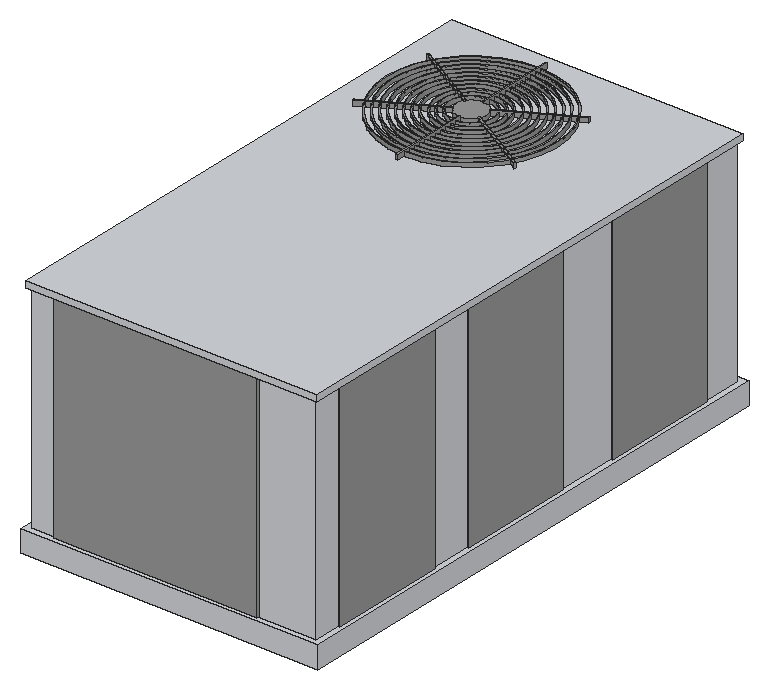
Revit family "RTU-2", category Generic Models, host Face, Revit 2025
Family settings
  Host = Face
  Can host rebar = No
  Round Connector Dimension = Use Diameter
  Part Type = Normal
  Cut with Voids When Loaded = No
  Maintain Annotation Orientation = No
  Shared = No
  Room Calculation Point = No
Parameters
  Width = 47"
  Length = 85 1/4"
  Grill Material = Steel, Paint Finish, Dark Gray
  Default Elevation = 48"
Reference planes (in)
  plane 1 "Center (Front/Back)": y = 0
  plane 2: z = 0
  plane 3 "Center (Left/Right)": x = 0
  plane 4: x = -30.90625
  plane 5: x = -31.90625
  plane 6: x = -32.90625
  plane 7: x = -33.90625
  plane 8: x = -34.90625
  plane 9: x = -35.90625
  plane 10: x = -36.90625
  plane 11: x = -37.90625
  plane 12: x = -38.90625
  plane 13: x = -39.90625
  plane 14: x = -40.90625
  plane 15: x = -42.34375
  plane 16: x = -41.03125
  plane 17: x = -41.90625
  plane 18: x = -41.90567
  plane 19: y = 22.75058
  plane 20: y = 21.75058
  plane 21: y = 20.75058
  plane 22: y = 19.75058
  plane 23: y = 18.75058
  plane 24: y = 17.75058
  plane 25: y = 16.75058
  plane 26: y = 15.75058
  plane 27: y = 14.75058
  plane 28: y = 13.75058
  plane 29: y = 12.75058
  plane 30: y = 11.31308
  plane 31: y = 12.62558
  plane 32: y = 11.75058
  plane 33: y = 11.75117
  plane 34: through (-19.01548, 19.50279, 94.70355) normal (0.866, 0.5, 0)
  plane 35: through (-17.13782, 18.87558, 94.70355) normal (-0.866, -0.5, 0)
  plane 36: through (6.39048, 19.50279, 94.70355) normal (0.866, -0.5, 0)
  plane 37: through (4.51282, 18.87558, 94.70355) normal (-0.866, 0.5, 0)
  plane 38: y = 38.93808
  plane 39: y = 37.62558
  plane 40: through (-19.01548, 30.74838, 94.70355) normal (-0.866, 0.5, 0)
  plane 41: through (-17.13782, 31.37558, 94.70355) normal (0.866, -0.5, 0)
  plane 42: through (6.39048, 30.74838, 94.70355) normal (-0.866, -0.5, 0)
  plane 43: through (4.51282, 31.37558, 94.70355) normal (0.866, 0.5, 0)
  plane 44: through (-34.15405, 50.35923, 110.75) normal (0.5, -0.866, 0)
  plane 45: through (-34.78125, 48.48157, 110.75) normal (-0.5, 0.866, 0)
  plane 46: through (-34.15405, 24.95327, 110.75) normal (-0.5, -0.866, 0)
  plane 47: through (-34.78125, 26.83093, 110.75) normal (0.5, 0.866, 0)
  plane 48: x = -14.71875
  plane 49: x = -16.03125
  plane 50: through (-22.90845, 50.35923, 110.75) normal (0.5, 0.866, 0)
  plane 51: through (-22.28125, 48.48157, 110.75) normal (-0.5, -0.866, 0)
  plane 52: through (-22.90845, 24.95327, 110.75) normal (-0.5, 0.866, 0)
  plane 53: through (-22.28125, 26.83093, 110.75) normal (0.5, -0.866, 0)
  plane 54: y = 16.875
  plane 55: x = 14
  plane 56: y = -16.125
  plane 57: x = 16.875
Forms (in)
  Extrusion 1, solid
    sketch origin (0, 0, 0) x (1, 0, 0) y (0, 1, 0)
      loop
        line (-23.5, 42.625) -> (-23.5, -42.625) -> (23.5, -42.625) -> (23.5, 42.625) -> (-23.5, 42.625)
    from 0 to 3.5
  Extrusion 2, solid, material "Steel, Paint Finish, Dark Gray" <- "Grill Material", not visible
    sketch origin (0, 0, 54.625) x (1, 0, 0) y (0, 1, 0)
      loop
        circle (-28.53125, 37.65625) r 2.375
      loop
        circle (-28.53125, 37.65625) r 3.375
      loop
        circle (-28.53125, 37.65625) r 3.5
      loop
        circle (-28.53125, 37.65625) r 4.375
      loop
        circle (-28.53125, 37.65625) r 5.25
      loop
        circle (-28.53125, 37.65625) r 4.5
      loop
        circle (-28.53125, 37.65625) r 5.375
      loop
        circle (-28.53125, 37.65625) r 6.375
      loop
        circle (-28.53125, 37.65625) r 7.375
      loop
        circle (-28.53125, 37.65625) r 9.375
      loop
        circle (-28.53125, 37.65625) r 10.375
      loop
        circle (-28.53125, 37.65625) r 11.375
      loop
        circle (-28.53125, 37.65625) r 12.375
      loop
        circle (-28.53125, 37.65625) r 12.5
      loop
        circle (-28.53125, 37.65625) r 7.5
      loop
        circle (-28.53125, 37.65625) r 9.5
      loop
        circle (-28.53125, 37.65625) r 10.5
      loop
        circle (-28.53125, 37.65625) r 11.5
      loop
        circle (-28.53125, 37.65625) r 8.375
      loop
        circle (-28.53125, 37.65625) r 8.5
      loop
        circle (-28.53125, 37.65625) r 6.5
      loop
        circle (-28.53125, 37.65625) r 13.375
      loop
        circle (-28.53125, 37.65625) r 13.5
    from 0 to 0.625
  Extrusion 3, solid, material "Steel, Paint Finish, Dark Gray" <- "Grill Material", not visible
    sketch origin (0, 0, 55.75) x (1, 0, 0) y (0, 1, 0)
      loop
        line (-43.28067, 37.78125) -> (-43.28067, 37.53125) -> (-30.90296, 37.53125)
        arc (-30.90296, 37.53125) -> (-30.90543, 37.59373) -> (-30.90625, 37.65625) r 2.375
        arc (-30.90625, 37.65625) -> (-30.90543, 37.71877) -> (-30.90296, 37.78125) r 2.375
        line (-30.90296, 37.78125) -> (-43.28067, 37.78125)
    from -1.125 to -0.3427
  Extrusion 4, solid, material "Steel, Paint Finish, Dark Gray" <- "Grill Material"
    sketch origin (31.34375, 53.65683, 38.57855) x (0, 1, 0) y (-1, 0, 0)
      loop
        circle (-28.53125, 37.65625) r 2.375
      loop
        circle (-28.53125, 37.65625) r 3.375
      loop
        circle (-28.53125, 37.65625) r 3.5
      loop
        circle (-28.53125, 37.65625) r 4.375
      loop
        circle (-28.53125, 37.65625) r 5.25
      loop
        circle (-28.53125, 37.65625) r 4.5
      loop
        circle (-28.53125, 37.65625) r 5.375
      loop
        circle (-28.53125, 37.65625) r 6.375
      loop
        circle (-28.53125, 37.65625) r 7.375
      loop
        circle (-28.53125, 37.65625) r 9.375
      loop
        circle (-28.53125, 37.65625) r 10.375
      loop
        circle (-28.53125, 37.65625) r 11.375
      loop
        circle (-28.53125, 37.65625) r 12.375
      loop
        circle (-28.53125, 37.65625) r 12.5
      loop
        circle (-28.53125, 37.65625) r 7.5
      loop
        circle (-28.53125, 37.65625) r 9.5
      loop
        circle (-28.53125, 37.65625) r 10.5
      loop
        circle (-28.53125, 37.65625) r 11.5
      loop
        circle (-28.53125, 37.65625) r 8.375
      loop
        circle (-28.53125, 37.65625) r 8.5
      loop
        circle (-28.53125, 37.65625) r 6.5
      loop
        circle (-28.53125, 37.65625) r 13.375
      loop
        circle (-28.53125, 37.65625) r 13.5
    from 0 to 0.625
  Extrusion 5, solid, material "Steel, Paint Finish, Dark Gray" <- "Grill Material"
    sketch origin (31.34375, 53.65683, 39.70355) x (0, 1, 0) y (-1, 0, 0)
      loop
        line (-43.28067, 37.78125) -> (-43.28067, 37.53125) -> (-30.90296, 37.53125)
        arc (-30.90296, 37.53125) -> (-30.90543, 37.59373) -> (-30.90625, 37.65625) r 2.375
        arc (-30.90625, 37.65625) -> (-30.90543, 37.71877) -> (-30.90296, 37.78125) r 2.375
        line (-30.90296, 37.78125) -> (-43.28067, 37.78125)
    from -1.125 to -0.3427
  Extrusion 6, solid, material "Steel, Paint Finish, Dark Gray" <- "Grill Material"
    sketch origin (37.22441, 6.77994, 39.70355) x (0.866025, 0.5, 0) y (-0.5, 0.866025, 0)
      loop
        line (-43.28067, 37.78125) -> (-43.28067, 37.53125) -> (-30.90296, 37.53125)
        arc (-30.90296, 37.53125) -> (-30.90543, 37.59373) -> (-30.90625, 37.65625) r 2.375
        arc (-30.90625, 37.65625) -> (-30.90543, 37.71877) -> (-30.90296, 37.78125) r 2.375
        line (-30.90296, 37.78125) -> (-43.28067, 37.78125)
    from -1.125 to -0.3427
  Extrusion 7, solid, material "Steel, Paint Finish, Dark Gray" <- "Grill Material"
    sketch origin (-49.84941, 6.77994, 39.70355) x (-0.866025, 0.5, 0) y (-0.5, -0.866025, 0)
      loop
        line (-43.28067, -37.78125) -> (-30.90296, -37.78125)
        arc (-30.90296, -37.78125) -> (-30.90543, -37.71877) -> (-30.90625, -37.65625) r 2.375
        arc (-30.90625, -37.65625) -> (-30.90543, -37.59373) -> (-30.90296, -37.53125) r 2.375
        line (-30.90296, -37.53125) -> (-43.28067, -37.53125) -> (-43.28067, -37.78125)
    from -1.125 to -0.3427
  Extrusion 8, solid, material "Steel, Paint Finish, Dark Gray" <- "Grill Material"
    sketch origin (31.34375, -3.40567, 39.70355) x (0, -1, 0) y (1, 0, 0)
      loop
        line (-43.28067, -37.78125) -> (-30.90296, -37.78125)
        arc (-30.90296, -37.78125) -> (-30.90543, -37.71877) -> (-30.90625, -37.65625) r 2.375
        arc (-30.90625, -37.65625) -> (-30.90543, -37.59373) -> (-30.90296, -37.53125) r 2.375
        line (-30.90296, -37.53125) -> (-43.28067, -37.53125) -> (-43.28067, -37.78125)
    from -1.125 to -0.3427
  Extrusion 9, solid, material "Steel, Paint Finish, Dark Gray" <- "Grill Material"
    sketch origin (37.22441, 43.47123, 39.70355) x (0.866025, -0.5, 0) y (0.5, 0.866025, 0)
      loop
        line (-43.28067, -37.78125) -> (-30.90296, -37.78125)
        arc (-30.90296, -37.78125) -> (-30.90543, -37.71877) -> (-30.90625, -37.65625) r 2.375
        arc (-30.90625, -37.65625) -> (-30.90543, -37.59373) -> (-30.90296, -37.53125) r 2.375
        line (-30.90296, -37.53125) -> (-43.28067, -37.53125) -> (-43.28067, -37.78125)
    from -1.125 to -0.3427
  Extrusion 10, solid, material "Steel, Paint Finish, Dark Gray" <- "Grill Material"
    sketch origin (-49.84941, 43.47123, 39.70355) x (-0.866025, -0.5, 0) y (0.5, -0.866025, 0)
      loop
        line (-43.28067, 37.78125) -> (-43.28067, 37.53125) -> (-30.90296, 37.53125)
        arc (-30.90296, 37.53125) -> (-30.90543, 37.59373) -> (-30.90625, 37.65625) r 2.375
        arc (-30.90625, 37.65625) -> (-30.90543, 37.71877) -> (-30.90296, 37.78125) r 2.375
        line (-30.90296, 37.78125) -> (-43.28067, 37.78125)
    from -1.125 to -0.3427
  Extrusion 11, solid, material "Steel, Paint Finish, Dark Gray" <- "Grill Material", not visible
    sketch origin (-46.87689, -5.88066, 55.75) x (0.5, -0.866025, 0) y (0.866025, 0.5, 0)
      loop
        line (-43.28067, 37.78125) -> (-43.28067, 37.53125) -> (-30.90296, 37.53125)
        arc (-30.90296, 37.53125) -> (-30.90543, 37.59373) -> (-30.90625, 37.65625) r 2.375
        arc (-30.90625, 37.65625) -> (-30.90543, 37.71877) -> (-30.90296, 37.78125) r 2.375
        line (-30.90296, 37.78125) -> (-43.28067, 37.78125)
    from -1.125 to -0.3427
  Extrusion 12, solid, material "Steel, Paint Finish, Dark Gray" <- "Grill Material", not visible
    sketch origin (-46.87689, 81.19316, 55.75) x (0.5, 0.866025, 0) y (-0.866025, 0.5, 0)
      loop
        line (-43.28067, -37.78125) -> (-30.90296, -37.78125)
        arc (-30.90296, -37.78125) -> (-30.90543, -37.71877) -> (-30.90625, -37.65625) r 2.375
        arc (-30.90625, -37.65625) -> (-30.90543, -37.59373) -> (-30.90296, -37.53125) r 2.375
        line (-30.90296, -37.53125) -> (-43.28067, -37.53125) -> (-43.28067, -37.78125)
    from -1.125 to -0.3427
  Extrusion 13, solid, material "Steel, Paint Finish, Dark Gray" <- "Grill Material", not visible
    sketch origin (-57.0625, 0, 55.75) x (-1, 0, 0) y (0, -1, 0)
      loop
        line (-43.28067, -37.78125) -> (-30.90296, -37.78125)
        arc (-30.90296, -37.78125) -> (-30.90543, -37.71877) -> (-30.90625, -37.65625) r 2.375
        arc (-30.90625, -37.65625) -> (-30.90543, -37.59373) -> (-30.90296, -37.53125) r 2.375
        line (-30.90296, -37.53125) -> (-43.28067, -37.53125) -> (-43.28067, -37.78125)
    from -1.125 to -0.3427
  Extrusion 14, solid, material "Steel, Paint Finish, Dark Gray" <- "Grill Material", not visible
    sketch origin (-10.18561, -5.88066, 55.75) x (-0.5, -0.866025, 0) y (0.866025, -0.5, 0)
      loop
        line (-43.28067, -37.78125) -> (-30.90296, -37.78125)
        arc (-30.90296, -37.78125) -> (-30.90543, -37.71877) -> (-30.90625, -37.65625) r 2.375
        arc (-30.90625, -37.65625) -> (-30.90543, -37.59373) -> (-30.90296, -37.53125) r 2.375
        line (-30.90296, -37.53125) -> (-43.28067, -37.53125) -> (-43.28067, -37.78125)
    from -1.125 to -0.3427
  Extrusion 15, solid, material "Steel, Paint Finish, Dark Gray" <- "Grill Material", not visible
    sketch origin (-10.18561, 81.19316, 55.75) x (-0.5, 0.866025, 0) y (-0.866025, -0.5, 0)
      loop
        line (-43.28067, 37.78125) -> (-43.28067, 37.53125) -> (-30.90296, 37.53125)
        arc (-30.90296, 37.53125) -> (-30.90543, 37.59373) -> (-30.90625, 37.65625) r 2.375
        arc (-30.90625, 37.65625) -> (-30.90543, 37.71877) -> (-30.90296, 37.78125) r 2.375
        line (-30.90296, 37.78125) -> (-43.28067, 37.78125)
    from -1.125 to -0.3427
  Extrusion 16, solid
    sketch origin (0, 0, 0) x (1, 0, 0) y (0, 1, 0)
      loop
        line (-22.5, 41.625) -> (-22.5, -41.625) -> (22.5, -41.625) -> (22.5, 41.625) -> (-22.5, 41.625)
    from 3.5 to 37.57855
  Extrusion 17, void
    sketch origin (0, 0, 0) x (1, 0, 0) y (0, 1, 0)
      loop
        line (-18.5, 8.25) -> (-18.5, -9.75) -> (1.5, -9.75) -> (1.5, 8.25) -> (-18.5, 8.25)
      loop
        line (-16.5, -26) -> (-16.5, -37) -> (12.5, -37) -> (12.5, -26) -> (-16.5, -26)
      loop
        arc (13.5, 20.875) -> (12.79289, 20.58211) -> (12.5, 19.875) r 1
        line (12.5, 19.875) -> (12.5, 13.875)
        arc (12.5, 13.875) -> (12.79289, 13.16789) -> (13.5, 12.875) r 1
        line (13.5, 12.875) -> (14.5, 12.875)
        arc (14.5, 12.875) -> (15.20711, 13.16789) -> (15.5, 13.875) r 1
        line (15.5, 13.875) -> (15.5, 19.875)
        arc (15.5, 19.875) -> (15.20711, 20.58211) -> (14.5, 20.875) r 1
        line (14.5, 20.875) -> (13.5, 20.875)
      loop
        circle (16.875, -16.125) r 1
    from 0 to 3.5
  Extrusion 18, solid
    sketch origin (0, 0, 0) x (1, 0, 0) y (0, 1, 0)
      loop
        line (-23, 42.125) -> (-23, -42.125) -> (23, -42.125) -> (23, 42.125) -> (-23, 42.125)
    from 37.57855 to 38.57855
  Extrusion 19, void
    sketch origin (0, 0, 0) x (0, 1, 0) y (0, 0, 1)
      loop
        line (39.875, 37.57855) -> (10.37617, 37.57855) -> (10.37617, 3.5) -> (39.875, 3.5) -> (39.875, 37.57855)
    from -23.5 to -21.24899
Cuts and joins
  Extrusion 17, Extrusion 19 cuts Extrusion 1
  Extrusion 17, Extrusion 19 cuts Extrusion 16
  Extrusion 19 cuts Extrusion 18
Dimensions and locks (in)
  equal spacing: Extrusion 1 sketch curve, plane 1 "Center (Front/Back)", Extrusion 1 sketch curve
  equal spacing: Extrusion 1 sketch curve, plane 3 "Center (Left/Right)", Extrusion 1 sketch curve
  "Width": Extrusion 1 sketch curve to Extrusion 1 sketch curve
  "Length": Extrusion 1 sketch curve to Extrusion 1 sketch curve
  Extrusion 1 to Extrusion 17 sketch curve = 5 5/8"
  Extrusion 1 to Extrusion 17 sketch curve = 7"
  Extrusion 1 to Extrusion 17 sketch curve = 5"
  Extrusion 1 to plane 54 = 25 3/4"
  plane 55 to Extrusion 1 = 9 1/2"
  plane 57 to Extrusion 1 = 6 5/8"
  plane 56 to Extrusion 1 = 26 1/2"
  nested 5 to level = 5 1/2"
  nested 5 to Extrusion 18 = 2"
  nested 6 to nested 5 = 18 3/8"
  aligned and locked: plane 2 to host face
  aligned and locked: level to host face
Automatic sketch dimensions
  host sketch curve to host sketch curve = 96"  (x2)
  Extrusion 4 sketch curve to Extrusion 4 sketch curve = 0"  (x297)
  Extrusion 5 sketch curve to Extrusion 5 sketch curve = 2.37171"
  Extrusion 6 sketch curve to Extrusion 6 sketch curve = 2.37171"
  Extrusion 6 sketch curve to plane 34 = 0.93692"
  Extrusion 7 sketch curve to Extrusion 7 sketch curve = 2.37171"
  Extrusion 7 sketch curve to Extrusion 7 sketch curve = 0"  (x3)
  Extrusion 7 sketch curve to plane 36 = 0.93692"
  Extrusion 7 sketch curve to Extrusion 7 sketch curve = 1/8"
  Extrusion 8 sketch curve to Extrusion 8 sketch curve = 2.37171"
  Extrusion 8 sketch curve to plane 38 = 0.93692"
  Extrusion 9 sketch curve to Extrusion 9 sketch curve = 2.37171"
  Extrusion 9 sketch curve to Extrusion 9 sketch curve = 0"  (x3)
  Extrusion 9 sketch curve to plane 40 = 0.93692"
  Extrusion 9 sketch curve to Extrusion 9 sketch curve = 1/8"
  Extrusion 10 sketch curve to Extrusion 10 sketch curve = 2.37171"
  Extrusion 10 sketch curve to plane 42 = 0.93692"
  Extrusion 2 sketch curve to Extrusion 2 sketch curve = 0"  (x297)
  Extrusion 3 sketch curve to Extrusion 3 sketch curve = 2.37171"
  Extrusion 4 sketch curve to plane 19 = 2 3/8"
  Extrusion 5 sketch curve to Extrusion 5 sketch curve = 0"  (x3)
  Extrusion 5 sketch curve to plane 31 = 10.12829"
  Extrusion 6 sketch curve to Extrusion 6 sketch curve = 0"  (x3)
  Extrusion 6 sketch curve to plane 35 = 10.12829"
  Extrusion 6 sketch curve to Extrusion 6 sketch curve = 1/8"
  Extrusion 7 sketch curve to plane 37 = 10.12829"
  Extrusion 8 sketch curve to Extrusion 8 sketch curve = 0"  (x4)
  Extrusion 8 sketch curve to plane 39 = 10.12829"
  Extrusion 9 sketch curve to plane 41 = 10.12829"
  Extrusion 10 sketch curve to Extrusion 10 sketch curve = 0"  (x3)
  Extrusion 10 sketch curve to plane 43 = 10.12829"
  Extrusion 10 sketch curve to Extrusion 10 sketch curve = 1/8"
  Extrusion 5 sketch curve to plane 30 = 0.93692"
  Extrusion 5 sketch curve to Extrusion 5 sketch curve = 1/8"
  plane 33 to Extrusion 6 sketch curve = 5.89145"
  plane 33 to Extrusion 7 sketch curve = 12.29681"
  Extrusion 8 sketch curve to Extrusion 8 sketch curve = 1/8"
  plane 33 to Extrusion 9 sketch curve = 14.45202"
  plane 33 to Extrusion 10 sketch curve = 20.85738"
  Extrusion 2 sketch curve to plane 4 = 2 3/8"
  Extrusion 3 sketch curve to Extrusion 3 sketch curve = 0"  (x3)
  Extrusion 3 sketch curve to plane 16 = 10.12829"
  Extrusion 11 sketch curve to Extrusion 11 sketch curve = 0"  (x3)
  Extrusion 11 sketch curve to plane 45 = 10.12829"
  Extrusion 11 sketch curve to Extrusion 11 sketch curve = 1/8"
  Extrusion 12 sketch curve to Extrusion 12 sketch curve = 0"  (x2)
  Extrusion 12 sketch curve to plane 47 = 10.12829"
  Extrusion 13 sketch curve to Extrusion 13 sketch curve = 0"  (x4)
  Extrusion 13 sketch curve to plane 49 = 10.12829"
  Extrusion 14 sketch curve to Extrusion 14 sketch curve = 0"  (x2)
  Extrusion 14 sketch curve to plane 51 = 10.12829"
  Extrusion 15 sketch curve to Extrusion 15 sketch curve = 0"  (x3)
  Extrusion 15 sketch curve to plane 53 = 10.12829"
  Extrusion 15 sketch curve to Extrusion 15 sketch curve = 1/8"
  Extrusion 3 sketch curve to plane 15 = 0.93692"
  Extrusion 3 sketch curve to Extrusion 3 sketch curve = 1/8"
  plane 18 to Extrusion 11 sketch curve = 5.89145"
  plane 18 to Extrusion 12 sketch curve = 12.29681"
  Extrusion 13 sketch curve to Extrusion 13 sketch curve = 1/8"
  plane 18 to Extrusion 14 sketch curve = 14.45202"
  plane 18 to Extrusion 15 sketch curve = 20.85738"
  Extrusion 16 sketch curve to plane 3 "Center (Left/Right)" = 22 1/2"
  plane 3 "Center (Left/Right)" to Extrusion 16 sketch curve = 22 1/2"
  plane 1 "Center (Front/Back)" to Extrusion 16 sketch curve = 41 5/8"
  plane 33 to Extrusion 16 sketch curve = 29.87383"
  Extrusion 17 sketch curve to plane 56 = 0"
  Extrusion 17 sketch curve to plane 57 = 0"
  plane 3 "Center (Left/Right)" to Extrusion 17 sketch curve = 1 1/2"
  Extrusion 17 sketch curve to plane 55 = 1 1/2"  (x2)
  Extrusion 17 sketch curve to plane 55 = 1/2"  (x2)
  plane 55 to Extrusion 17 sketch curve = 1/2"  (x2)
  Extrusion 17 sketch curve to Extrusion 17 sketch curve = 1"
  Extrusion 17 sketch curve to plane 56 = 9 7/8"
  plane 56 to Extrusion 17 sketch curve = 6 3/8"
  Extrusion 17 sketch curve to plane 33 = 3.50117"
  plane 33 to Extrusion 17 sketch curve = 1.12383"
  plane 54 to Extrusion 17 sketch curve = 3"
  Extrusion 18 sketch curve to plane 3 "Center (Left/Right)" = 23"
  plane 3 "Center (Left/Right)" to Extrusion 18 sketch curve = 23"
  plane 1 "Center (Front/Back)" to Extrusion 18 sketch curve = 42 1/8"
  plane 33 to Extrusion 18 sketch curve = 30.37383"
  Extrusion 19 sketch curve to plane 33 = 1 3/8"
  level to Extrusion 19 sketch curve = 3 1/2"
  plane 33 to Extrusion 19 sketch curve = 28.12383"
  Extrusion 19 sketch curve to Extrusion 19 sketch curve = 34.07855"
  radius of Extrusion 4 sketch curve = 2 3/8"
  radius of Extrusion 4 sketch curve = 3 3/8"
  radius of Extrusion 4 sketch curve = 3 1/2"
  radius of Extrusion 4 sketch curve = 4 3/8"
  radius of Extrusion 4 sketch curve = 5 1/4"
  radius of Extrusion 4 sketch curve = 4 1/2"
  radius of Extrusion 4 sketch curve = 5 3/8"
  radius of Extrusion 4 sketch curve = 6 3/8"
  radius of Extrusion 4 sketch curve = 7 3/8"
  radius of Extrusion 4 sketch curve = 9 3/8"
  radius of Extrusion 4 sketch curve = 10 3/8"
  radius of Extrusion 4 sketch curve = 11 3/8"
  radius of Extrusion 4 sketch curve = 12 3/8"
  radius of Extrusion 4 sketch curve = 12 1/2"
  radius of Extrusion 4 sketch curve = 7 1/2"
  radius of Extrusion 4 sketch curve = 9 1/2"
  radius of Extrusion 4 sketch curve = 10 1/2"
  radius of Extrusion 4 sketch curve = 11 1/2"
  radius of Extrusion 4 sketch curve = 8 3/8"
  radius of Extrusion 4 sketch curve = 8 1/2"
  radius of Extrusion 4 sketch curve = 6 1/2"
  radius of Extrusion 4 sketch curve = 13 3/8"
  radius of Extrusion 4 sketch curve = 13 1/2"
  radius of Extrusion 2 sketch curve = 2 3/8"
  radius of Extrusion 2 sketch curve = 3 3/8"
  radius of Extrusion 2 sketch curve = 3 1/2"
  radius of Extrusion 2 sketch curve = 4 3/8"
  radius of Extrusion 2 sketch curve = 5 1/4"
  radius of Extrusion 2 sketch curve = 4 1/2"
  radius of Extrusion 2 sketch curve = 5 3/8"
  radius of Extrusion 2 sketch curve = 6 3/8"
  radius of Extrusion 2 sketch curve = 7 3/8"
  radius of Extrusion 2 sketch curve = 9 3/8"
  radius of Extrusion 2 sketch curve = 10 3/8"
  radius of Extrusion 2 sketch curve = 11 3/8"
  radius of Extrusion 2 sketch curve = 12 3/8"
  radius of Extrusion 2 sketch curve = 12 1/2"
  radius of Extrusion 2 sketch curve = 7 1/2"
  radius of Extrusion 2 sketch curve = 9 1/2"
  radius of Extrusion 2 sketch curve = 10 1/2"
  radius of Extrusion 2 sketch curve = 11 1/2"
  radius of Extrusion 2 sketch curve = 8 3/8"
  radius of Extrusion 2 sketch curve = 8 1/2"
  radius of Extrusion 2 sketch curve = 6 1/2"
  radius of Extrusion 2 sketch curve = 13 3/8"
  radius of Extrusion 2 sketch curve = 13 1/2"
  radius of Extrusion 17 sketch curve = 1"
Nested families (in)
  nested 1: "Panel" at (22.5, -27.875, 20.53928) x (0, 1, 0) z (1, 0, 0), type "Panel"
    with Width 18 3/4", Length 34.07855"
  nested 2: "Panel" at (22.5, -2.4375, 20.53928) x (0, 1, 0) z (1, 0, 0), type "Panel"
    with Width 18 3/4", Length 34.07855"
  nested 3: "Panel" at (22.5, 26.0625, 20.53928) x (0, 1, 0) z (1, 0, 0), type "Panel"
    with Width 18 3/4", Length 34.07855"
  nested 4: "Panel" at (-2.71875, -41.625, 20.53928) x (-1, 0, 0) z (0, -1, 0), type "Panel"
    with Width 32 3/16", Length 34.07855"
  nested 5: "Panel" at (-22.5, -34.625, 20) x (0, 1, 0) z (-1, 0, 0), type "Panel"
    with Width 11", Length 29"
  nested 6: "Panel" at (-22.5, -1, 15.5) x (0, 1, 0) z (-1, 0, 0), type "Panel"
    with Width 19 1/2", Length 20"
Definition of nested family "Panel"
  Parameters (values of type "Panel")
    Width [instance] = 21 9/16"
    Material = none
    Length [instance] = 49 7/16"
    Default Elevation = 48"
  Reference planes (in)
    plane 1 "Center (Front/Back)": y = 0
    plane 2: z = 0
    plane 3 "Center (Left/Right)": x = 0
    plane 4: z = 0.25
    plane 5: x = -10.78125
    plane 6: x = 10.78125
    plane 7: y = 24.71875
    plane 8: y = -24.71875
  Forms (in)
    Extrusion 1, solid
      sketch origin (0, 0, 0) x (1, 0, 0) y (0, 1, 0)
        loop
          line (-48, 48) -> (-48, -48) -> (48, -48) -> (48, 48) -> (-48, 48)
      from 0 to -12
    Extrusion 2, solid, material <- "Material"
      sketch origin (0, 0, 0) x (1, 0, 0) y (0, 1, 0)
        loop
          line (-10.78125, 24.71875) -> (-10.78125, -24.71875) -> (10.78125, -24.71875) -> (10.78125, 24.71875) -> (-10.78125, 24.71875)
      from 0 to 0.25
  Dimensions and locks (in)
    plane 4 to plane 2 = 1/4"
    equal spacing: plane 5, plane 3 "Center (Left/Right)", plane 6
    equal spacing: plane 7, plane 1 "Center (Front/Back)", plane 8
    "Length": plane 7 to plane 8
    "Width": plane 5 to plane 6
    aligned and locked: plane 2 to Extrusion 1
    aligned and locked: level to Extrusion 1
    aligned and locked: plane 4 to Extrusion 2
    aligned and locked: Extrusion 2 to plane 6
    aligned and locked: Extrusion 2 to plane 5
    aligned and locked: plane 8 to Extrusion 2
    aligned and locked: plane 7 to Extrusion 2
  Automatic sketch dimensions
    Extrusion 1 sketch curve to Extrusion 1 sketch curve = 96"  (x2)
    plane 5 to Extrusion 2 sketch curve = 0"
    Extrusion 2 sketch curve to plane 6 = 0"
    plane 1 "Center (Front/Back)" to Extrusion 2 sketch curve = 24 23/32"
    Extrusion 2 sketch curve to plane 1 "Center (Front/Back)" = 24 23/32"
